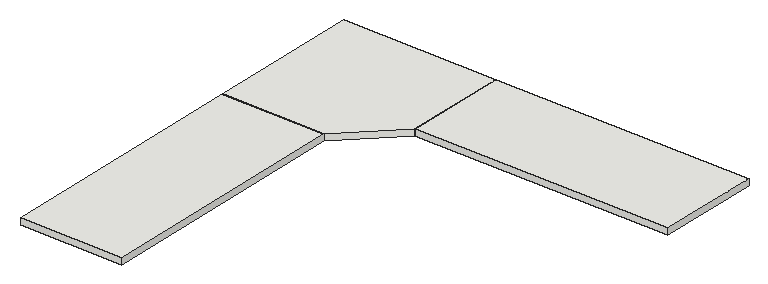
Revit family
Parameters (values of type "96" x 96"")
  Assembly Code = "E2020"
  Desktop Height = 2' - 6"
  Desktop1 Width = 2' - 0"
  Desktop2 Width = 2' - 0"
  Panel1 Length = 5' - 0"
  Panel2 Length = 5' - 0"
  Work Top Material = Laminate - Ivory, Matte
Reference planes (in)
  plane 1 "Center (Front/Back)": y = -19.48909
  plane 2: z = 0
  plane 3 "Center (Left/Right)": x = -5.18629
  plane 4 "Work Surface": z = 30
  plane 5: z = 28.5
  plane 6: x = -3.18629
  plane 7: y = -21.48909
  plane 8: x = 32.81371
  plane 9: x = 92.81371
  plane 10: y = -117.48909
  plane 11: y = -57.48909
  plane 12: x = 20.81371
  plane 13: y = -45.48909
Forms (in)
  Extrusion 1, solid, material "Laminate - Ivory, Matte" <- "Work Top Material"
    sketch origin (0, 0, 0) x (1, 0, 0) y (0, 1, 0)
      loop
        line (-3.18629, -117.48909) -> (20.81371, -117.48909) -> (20.81371, -57.48909) -> (-3.18629, -57.48909) -> (-3.18629, -117.48909)
      loop
        line (32.81371, -45.48909) -> (92.81371, -45.48909) -> (92.81371, -21.48909) -> (32.81371, -21.48909) -> (32.81371, -45.48909)
    from 28.5 to 30
  Extrusion 2, solid, material "Laminate - Ivory, Matte" <- "Work Top Material"
    sketch origin (0, 0, 0) x (1, 0, 0) y (0, 1, 0)
      loop
        line (-3.18629, -57.48909) -> (20.81371, -57.48909) -> (32.81371, -45.48909) -> (32.81371, -21.48909) -> (-3.18629, -21.48909) -> (-3.18629, -57.48909)
    from 28.5 to 30
Lines and regions (in)
  Masking region 1
    outline origin (0, 0, 30) x (1, 0, 0) y (0, 1, 0)
      loop
        line (-3.18629, -117.48909) -> (20.81371, -117.48909) -> (20.81371, -57.48909) -> (32.81371, -45.48909) -> (92.81371, -45.48909) -> (92.81371, -21.48909) -> (-3.18629, -21.48909) -> (-3.18629, -117.48909)
  symbolic lines
    curve 1: line (20.81371, -57.48909, 30) -> (-3.18629, -57.48909, 30)
    curve 2: line (32.81371, -21.48909, 30) -> (32.81371, -45.48909, 30)
Dimensions and locks (in)
  "Desktop Height": plane 4 "Work Surface" to plane 2
  locked: plane 5 to plane 4 "Work Surface" at 1.5
  locked: plane 6 to plane 8 at 36
  "Panel2 Length": plane 8 to plane 9
  plane 3 "Center (Left/Right)" to plane 9 = 8' - 2"
  plane 10 to plane 1 "Center (Front/Back)" = 8' - 2"
  locked: plane 11 to plane 7 at 36
  "Panel1 Length": plane 10 to plane 11
  locked: plane 7 to plane 1 "Center (Front/Back)" at 2
  locked: plane 3 "Center (Left/Right)" to plane 6 at 2
  "Desktop1 Width": plane 6 to plane 12
  "Desktop2 Width": plane 13 to plane 7
  aligned and locked: Extrusion 1 to plane 4 "Work Surface"
  aligned and locked: Extrusion 2 to plane 4 "Work Surface"
  aligned and locked: plane 5 to Extrusion 1
  aligned and locked: plane 5 to Extrusion 2
  aligned and locked: plane 9 to Masking region 1 sketch curve
  aligned and locked: Masking region 1 sketch curve to plane 13
  aligned and locked: plane 6 to Masking region 1 sketch curve
  aligned and locked: Masking region 1 sketch curve to plane 10
  aligned and locked: Masking region 1 sketch curve to plane 12
  aligned and locked: Masking region 1 sketch curve to Extrusion 2
  aligned and locked: plane 7 to Masking region 1 sketch curve
  aligned and locked: curve 1 to Extrusion 2
  aligned and locked: curve 2 to Extrusion 2
Automatic sketch dimensions
  Extrusion 2 sketch curve to plane 12 = 0' - 0"
  Extrusion 2 sketch curve to plane 13 = 0' - 0"
  curve 1 to plane 6 = 0' - 0"
  curve 1 to plane 12 = 0' - 0"
  curve 2 to plane 13 = 0' - 0"
  curve 2 to plane 7 = 0' - 0"
